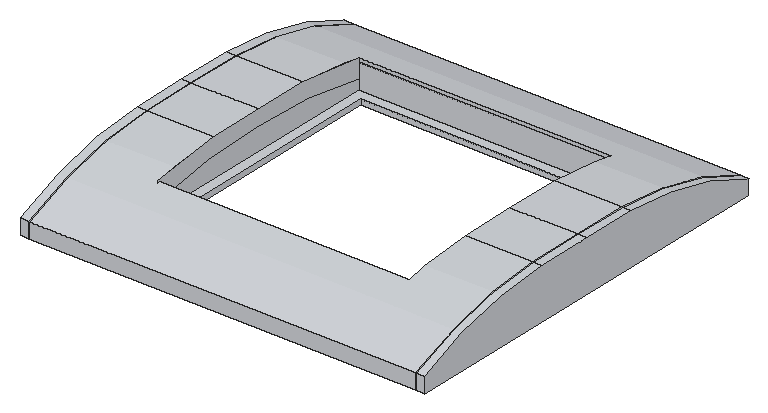
Revit family "Gira_100206", category Electrical Fixtures, host Face, Revit 2017
Family settings
  Host = Face
  Maintain Annotation Orientation = No
  Round Connector Dimension = Use Diameter
  Part Type = Normal
  Cut with Voids When Loaded = No
  Shared = No
  Room Calculation Point = No
Parameters (values of type "Cov.fr. 2-g w/o cb interm.fr. AN Gira Event c.alum.")
  With mounting grid = "No"
  With hinged lid = "No"
  URL = "http://katalog.gira.de/en/datenblatt.html?artikelnr=100206"
  Type of fastening = "Clamp mounting"
  Transparent = "No"
  Surface protection = "Other"
  Suitable for wall duct = "No"
  Suitable for flush-mounted installation = "Yes"
  Suitable for floor box = "No"
  Suitable for built-in installation = "No"
  Number of units vertical = "2"
  Number of units horizontal = "2"
  Number of units = "2"
  Name = "Cov.fr. 2-g w/o cb interm.fr. AN Gira Event c.alum."
  Mounting direction = "Horizontal and vertical"
  Material quality = "Thermoplastic"
  Material = "Plastic"
  Manufacturer URL = "https://www.gira.de/"
  Manufacturer = "Gira"
  Label space/information surface = "No"
  Keynote = ""
  HeinzeBIM = "https://bimportal.heinze.de/bim/cov-fr-2-g-w-o-cb-interm-fr-an-gira-event-c-alum-/816db3748ed4783d3105ea91f6b3364926a0ceb1"
  Halogen free = "Yes"
  HAN = "100206"
  GTIN = "4010337002062"
  Description = "Cov.fr.2g w o cb i.fr.AN Event CAI,Gira Event frames,colour aluminium with anthracite intermediate frame,2-gang without crossbar,Features:,- Shatter-proof."
  Degree of protection (IP) = "IP20"
  Default Elevation = 1219.2 mm
  Data sheet (1) = "https://katalog.gira.de/en/download.html?artikelnr=100206"
  Colour = "Aluminium"
  Category = "Cover frame for domestic switching devices"
  BIM (1) = "https://media.stage.bim.site/public/gira/36a6b08/Event_Rahmen_2fach o.Mittelsteg.rfa?public/gira/36a6b08/Event_Rahmen_2fach o.Mittelsteg.rfa"
  Available = "No"
Reference planes
  plane 1 "Center (Front/Back)": y = 0
  plane 2: z = 0
  plane 3 "Center (Left/Right)": x = 0
Forms (mm)
  Extrusion 1, solid, detail levels fine
    sketch origin (0, 0, 1.55) x (0, 1, 0) y (0, 0, 1)
      loop
        arc (12.445, 9.683) -> (6.223, 9.833) -> (0, 9.85) r 291.636
        arc (0, 9.85) -> (-6.223, 9.833) -> (-12.445, 9.683) r 291.636
        arc (-12.445, 9.683) -> (-29.14, 7.482) -> (-45, 1.823) r 79.728
        line (-45, 1.823) -> (-45, -1.55) -> (-41.777, -1.55) -> (-41.777, -0.55)
        arc (-41.777, -0.55) -> (-21.205, 4.846) -> (0, 6.467) r 118.15
        arc (0, 6.467) -> (21.205, 4.846) -> (41.777, -0.55) r 118.15
        line (41.777, -0.55) -> (41.777, -1.55) -> (45, -1.55) -> (45, 1.823)
        arc (45, 1.823) -> (29.14, 7.482) -> (12.445, 9.683) r 79.728
    from -43 to 43
  Extrusion 2, void, detail levels fine
    sketch origin (0, 0, 0) x (1, 0, 0) y (0, 1, 0)
      loop
        line (-28, -28) -> (28, -28) -> (28, 28) -> (-28, 28) -> (-28, -28)
    from 2.85 to 12
  Extrusion 3, solid, detail levels coarse
    sketch origin (0, 0, 0) x (1, 0, 0) y (0, 1, 0)
      loop
        line (-45, 45) -> (-45, -45) -> (45, -45) -> (45, 45) -> (-45, 45)
    from 0 to 11.4
  Extrusion 4, solid, detail levels medium
    sketch origin (0, 0, 1.55) x (0, 1, 0) y (0, 0, 1)
      loop
        arc (12.445, 9.683) -> (6.223, 9.833) -> (0, 9.85) r 291.636
        arc (0, 9.85) -> (-6.223, 9.833) -> (-12.445, 9.683) r 291.636
        arc (-12.445, 9.683) -> (-29.14, 7.482) -> (-45, 1.823) r 79.728
        line (-45, 1.823) -> (-45, -1.55) -> (45, -1.55) -> (45, 1.823)
        arc (45, 1.823) -> (29.14, 7.482) -> (12.445, 9.683) r 79.728
    from -45 to 45
  Extrusion 5, solid, detail levels fine
    sketch origin (0, 0, 0) x (0, 1, 0) y (0, 0, 1)
      loop
        arc (45, 3.373) -> (29.14, 9.032) -> (12.445, 11.233) r 79.728
        arc (12.445, 11.233) -> (6.223, 11.383) -> (0, 11.4) r 291.636
        arc (0, 11.4) -> (-6.223, 11.383) -> (-12.445, 11.233) r 291.636
        arc (-12.445, 11.233) -> (-29.14, 9.032) -> (-45, 3.373) r 79.728
        line (-45, 3.373) -> (-45, 0) -> (45, 0) -> (45, 3.373)
    from 43 to 45
  Extrusion 6, solid, detail levels fine
    sketch origin (0, 0, 0) x (0, 1, 0) y (0, 0, -1)
      loop
        line (45, -3.373) -> (45, 0) -> (-45, 0) -> (-45, -3.373)
        arc (-45, -3.373) -> (-29.14, -9.032) -> (-12.445, -11.233) r 79.728
        arc (-12.445, -11.233) -> (-6.223, -11.383) -> (0, -11.4) r 291.636
        arc (0, -11.4) -> (6.223, -11.383) -> (12.445, -11.233) r 291.636
        arc (12.445, -11.233) -> (29.14, -9.032) -> (45, -3.373) r 79.728
    from 43 to 45
  Extrusion 7, solid, detail levels fine
    sketch origin (0, 0, 0) x (1, 0, 0) y (0, 1, 0)
      loop
        line (-25.7, 25.7) -> (-25.7, -25.7) -> (25.7, -25.7) -> (25.7, 25.7) -> (-25.7, 25.7)
      loop
        line (-29.495, 27.895) -> (-29.495, -27.895)
        spline (-29.495, -27.895) -> (-29.486, -28.025) -> (-29.461, -28.154) -> (-29.419, -28.278) -> (-29.361, -28.395) -> (-29.288, -28.504) -> (-29.202, -28.602) -> (-29.104, -28.688) -> (-28.995, -28.761) -> (-28.878, -28.819) -> (-28.754, -28.861) -> (-28.625, -28.886) -> (-28.495, -28.895)
        line (-28.495, -28.895) -> (28.495, -28.895)
        spline (28.495, -28.895) -> (28.625, -28.886) -> (28.754, -28.861) -> (28.878, -28.819) -> (28.995, -28.761) -> (29.104, -28.688) -> (29.202, -28.602) -> (29.288, -28.504) -> (29.361, -28.395) -> (29.419, -28.278) -> (29.461, -28.154) -> (29.486, -28.025) -> (29.495, -27.895)
        line (29.495, -27.895) -> (29.495, 27.895)
        spline (29.495, 27.895) -> (29.486, 28.025) -> (29.461, 28.154) -> (29.419, 28.278) -> (29.361, 28.395) -> (29.288, 28.504) -> (29.202, 28.602) -> (29.104, 28.688) -> (28.995, 28.761) -> (28.878, 28.819) -> (28.754, 28.861) -> (28.625, 28.886) -> (28.495, 28.895)
        line (28.495, 28.895) -> (-28.495, 28.895)
        spline (-28.495, 28.895) -> (-28.625, 28.886) -> (-28.754, 28.861) -> (-28.878, 28.819) -> (-28.995, 28.761) -> (-29.104, 28.688) -> (-29.202, 28.602) -> (-29.288, 28.504) -> (-29.361, 28.395) -> (-29.419, 28.278) -> (-29.461, 28.154) -> (-29.486, 28.025) -> (-29.495, 27.895)
    from 1.673 to 8.5
Cuts and joins
  Extrusion 2 cuts Extrusion 1
  Extrusion 2 cuts Extrusion 7
Dimensions and locks
  aligned and locked: plane 2 to host face
  aligned and locked: level to host face
